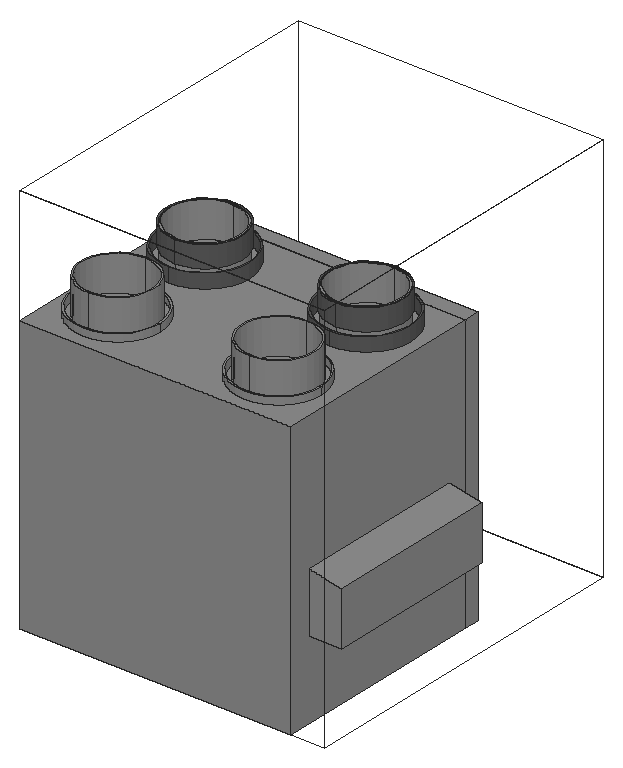
Revit family "Broan®_AI_Series™-Heat_Recovery_Ventilator_(HRV)-Top_Port", category Mechanical Equipment, Revit 2019
Family settings
  Round Connector Dimension = Use Diameter
  Classification = None
  Part Type = Normal
  Work Plane-Based = Yes
  Always vertical = No
  Cut with Voids When Loaded = No
  Shared = No
  Room Calculation Point = No
Parameters (values of type "Broan®_AI_Series™-110_CFM-Heat_Recovery_Ventilator_(HRV)-Top_Port-65%_eff")
  c Width MC = Width - c Width  # 2.32"
  c Vent Height = (Height - c Height)  # 2.45"
  c Top Clearance = if(c Constraints > 3, 9.00", 8.00")  # 8.00"
  c Right Clrearence = 0.00"  # constant formula
  c Offset vent side = (Length - 1.00") / 4  # 3.785"
  c MC width = Length - 4.00"  # 12.14"
  c Left Clearance = 0.00"  # constant formula
  c Height = 19.13"  # constant formula
  c Gen Diameter = if(c Constraints > 3, 6.00", 5.00")  # 5.00"
  c Front Clearance = 8.00"  # constant formula
  c Constraints = 1
  c Back Clearance = 0.00"  # constant formula
  Width = 21.07"  # constant formula
  Voltage = 120 V
  Version = ""
  URL = "https://www.broan-nutone.com/"
  Support Phone = "(224) 699-9545"  # constant formula
  Support Email = "mailto:support@anguleris.com"
  Supply Air Connection Diameter = c Gen Diameter  # 5"
  Return Air Connection Diameter = c Gen Diameter  # 5"
  Requirements and Standards = "UL 1812\r\nCSA F326\r\nCSA C439\r\nProp 65"
  Product Page URL = "https://www.broan-nutone.com/en-us/product/freshairsystems/b110h65rt"
  Product Name = "Broan® AI Series™ 110 CFM Heat Recovery Ventilator (HRV)"
  Product Documentation Link = "https://www.broan-nutone.com/getmedia/1c04f086-0de4-4a5a-b63e-71b407a4ad9e/Spec-Sheet-B110H65.pdf?ext=.pdf"
  Power Factor = 0
  Phase = 1
  Operating Weight = 35.00 lbf
  Number of Poles = 1
  Noise = 66.8
  Model = "B110H65RT"
  Manufacturer Phone Number = "800-558-1711"  # constant formula
  Manufacturer Contact Information = "mailto:info@broan-nutone.com"
  Manufacturer Address = "\"926 W State St, Hartford, WI 53027\""
  Manufacturer = "Broan"  # constant formula
  Length = 16.14"  # constant formula
  Height = 21.58"  # constant formula
  Frequency = 60 Hz
  Fan Wattage = 90 W
  Exhaust Air Connection Diameter = c Gen Diameter  # 5"
  Default Elevation = 0.00"
  Copyright = "\"Copyright © 2021 Broan-NuTone, LLC. All Rights Reserved\""
  c Width = 18.75"  # constant formula
  Clearance [instance] = yes
  Air Volume = if(c Constraints = 1, 110 CFM, (if(c Constraints = 2, 130 CFM, (if(c Constraints = 3, 150 CFM, (if(c Constraints = 4, 160 CFM, 160 CFM)))))))  # 110 CFM
Types (5): name | c Top Clearance | c Gen Diameter | c Constraints | Supply Air Connection Diameter | Return Air Connection Diameter | Requirements and Standards | Product Page URL | Product Name | Product Documentation Link | Noise | Model | Fan Wattage | Exhaust Air Connection Diameter | Air Volume
  Broan®_AI_Series™-130_CFM-Heat_Recovery_Ventilator_(HRV)-Top_Port-65%_eff | 8.00" | 5.00" | 2 | 5" | 5" | "UL 1812\r\nCSA F326\r\nCSA C439\r\nProp 65" | "https://www.broan-nutone.com/en-us/product/freshairsystems/b130h65rt" | "Broan® AI Series™ 130 CFM Heat Recovery Ventilator (HRV)" | "https://www.broan-nutone.com/getmedia/75f200b4-70e0-48f7-8651-3ee9bc02cae4/Spec-Sheet-B130H65.pdf?ext=.pdf" | 70 | "B130H65RT" | 110 W | 5" | 130 CFM
  Broan®_AI_Series™-110_CFM-Heat_Recovery_Ventilator_(HRV)-Top_Port-65%_eff | 8.00" | 5.00" | 1 | 5" | 5" | "UL 1812\r\nCSA F326\r\nCSA C439\r\nProp 65" | "https://www.broan-nutone.com/en-us/product/freshairsystems/b110h65rt" | "Broan® AI Series™ 110 CFM Heat Recovery Ventilator (HRV)" | "https://www.broan-nutone.com/getmedia/1c04f086-0de4-4a5a-b63e-71b407a4ad9e/Spec-Sheet-B110H65.pdf?ext=.pdf" | 66.8 | "B110H65RT" | 90 W | 5" | 110 CFM
  Broan®_AI_Series™-150_CFM-Heat_Recovery_Ventilator_(HRV)-Top_Port-75%_eff | 8.00" | 5.00" | 3 | 5" | 5" | "UL 1812\r\nCSA F326\r\nCSA C439\r\nProp 65\r\nENERGY STAR®" | "https://www.broan-nutone.com/en-us/product/freshairsystems/b150h75nt" | "Broan® AI Series™ 150 CFM Heat Recovery Ventilator (HRV)" | "https://www.broan-nutone.com/getmedia/926fa279-8324-464b-911a-513a9769f9b1/Spec-Sheet-B150H75.pdf?ext=.pdf" | 73.2 | "B150H75NT" | 163 W | 5" | 150 CFM
  Broan®_AI_Series™-160_CFM-Heat_Recovery_Ventilator_(HRV)-Top_Port-65%_eff | 9.00" | 6.00" | 4 | 6" | 6" | "UL 1812\r\nCSA F326\r\nCSA C439\r\nProp 65\r\nENERGY STAR®" | "https://www.broan-nutone.com/en-us/product/freshairsystems/b160h65rt" | "Broan® AI Series™ 160 CFM Heat Recovery Ventilator (HRV)" | "https://www.broan-nutone.com/getmedia/3ec22979-19c4-4f1e-94fd-1388d9e66583/Spec-Sheet-B160H65.pdf?ext=.pdf" | 73.2 | "B160H65RT" | 163 W | 6" | 160 CFM
  Broan®_AI_Series™-160_CFM-Heat_Recovery_Ventilator_(HRV)-Top_Port-75%_eff | 9.00" | 6.00" | 5 | 6" | 6" | "UL 1812\r\nCSA F326\r\nCSA C439\r\nProp 65\r\nENERGY STAR®" | "https://www.broan-nutone.com/en-us/product/freshairsystems/b160h75rt" | "Broan® AI Series™ 160 CFM Heat Recovery Ventilator (HRV)" | "https://www.broan-nutone.com/getmedia/63e03665-c448-44af-a792-4e4f5dea1e41/Spec-Sheet-B160H75.pdf?ext=.pdf" | 73.2 | "B160H75RT" | 163 W | 6" | 160 CFM
Reference planes (in)
  plane 1 "Center (Front/Back)": y = 0
  plane 2: z = 0
  plane 3 "Center (Left/Right)": x = 0
  plane 4: y = 8.57
  plane 5: x = 10.535
  plane 6: y = -7.57
  plane 7: x = -10.535
  plane 8: z = 21.58
  plane 9: y = 7.57
  plane 10: x = 8.215
  plane 11: y = 16.57
  plane 12: x = 10.535
  plane 13: y = -7.57
  plane 14: x = -10.535
  plane 15: y = 3.785
  plane 16: y = -3.785
  plane 17: z = 5.5
  plane 18: z = 27.13
  plane 19: z = 19.13
  plane 20: x = -6.83592
  plane 21: x = 4.31554
Forms (in)
  Extrusion 1, solid, material "Metal - Broan NuTone - Gray"
    sketch origin (0, 0, 0) x (1, 0, 0) y (0, 1, 0)
      loop
        line (8.215, 7.57) -> (-10.535, 7.57) -> (-10.535, -7.57) -> (8.215, -7.57) -> (8.215, 7.57)
    from 0 to 19.13
  Extrusion 2, solid, material "Clearances - Broan NuTone", visible <- "Clearance"
    sketch origin (0, 0, 0) x (1, 0, 0) y (0, 1, 0)
      loop
        line (-10.535, 16.57) -> (-10.535, -7.57) -> (10.535, -7.57) -> (10.535, 16.57) -> (-10.535, 16.57)
    from 0 to 27.13
  Extrusion 3, solid, material "Metal - Broan NuTone - Gray"
    sketch origin (0, 0, 0) x (1, 0, 0) y (0, 1, 0)
      loop
        line (8.215, 8.57) -> (-10.535, 8.57) -> (-10.535, 7.57) -> (8.215, 7.57) -> (8.215, 8.57)
    from 0 to 19.13
Dimensions and locks (in)
  equal spacing: plane 7, plane 3 "Center (Left/Right)", plane 5
  "Height": plane 8 to level
  "Width": plane 7 to plane 5
  "Length": plane 6 to plane 4
  plane 4 to plane 9 = 1.00"
  "c Front Clearance": plane 11 to plane 4
  "c Back Clearance": plane 13 to plane 6
  "c Left Clearance": plane 14 to plane 7
  "c Right Clrearence": plane 5 to plane 12
  plane 11 to plane 4 = 8.00"
  plane 3 "Center (Left/Right)" to plane 10 = 8.215"
  equal spacing: plane 9, plane 15, plane 1 "Center (Front/Back)"
  equal spacing: plane 1 "Center (Front/Back)", plane 16, plane 6
  equal spacing: plane 6, plane 16, plane 1 "Center (Front/Back)"
  "c Offset vent side": plane 1 "Center (Front/Back)" to plane 15
  plane 17 to level = 5.50"
  "c Top Clearance": plane 18 to plane 19
  "c Height": plane 19 to level
  "c Width": plane 7 to plane 10
  aligned and locked: plane 2 to level
  aligned and locked: plane 9 to Extrusion 1 sketch curve
  aligned and locked: plane 10 to Extrusion 1 sketch curve
  aligned and locked: plane 6 to Extrusion 1 sketch curve
  aligned and locked: nested 1 to plane 10
  aligned and locked: nested 1 to plane 17
  aligned and locked: plane 1 "Center (Front/Back)" to nested 1
  aligned and locked: Extrusion 2 sketch curve to plane 12
  aligned and locked: plane 13 to Extrusion 2 sketch curve
  aligned and locked: plane 14 to Extrusion 2 sketch curve
  aligned and locked: Extrusion 2 sketch curve to plane 11
  aligned and locked: plane 18 to Extrusion 2
  aligned and locked: plane 19 to Extrusion 1
  aligned and locked: Extrusion 1 to plane 7
  aligned and locked: plane 20 to nested 4
  aligned and locked: plane 20 to nested 2
  aligned and locked: plane 21 to nested 5
  aligned and locked: plane 21 to nested 3
  aligned and locked: plane 16 to nested 2
  aligned and locked: nested 4 to plane 15
  aligned and locked: nested 5 to plane 15
  aligned and locked: plane 16 to nested 3
  aligned and locked: plane 4 to Extrusion 3 sketch curve
  aligned and locked: Extrusion 3 sketch curve to plane 7
  aligned and locked: Extrusion 3 sketch curve to plane 9
  aligned and locked: plane 10 to Extrusion 3 sketch curve
  aligned and locked: plane 19 to Extrusion 3
  aligned and locked: Extrusion 2 to level
Automatic sketch dimensions
  plane 7 to Extrusion 1 sketch curve = 0.00"
Nested families (in)
  nested 1: "MC" at (8.215, 6.07, 5.5) x (0, -1, 0) z (0, 0, 1), Width <- "c MC width", type "MC"
    with Width 12.14", Offset 0.4176", Height 4.176", Depth 2.32"
  nested 2: "Vent" at (-6.83592, -3.785, 19.13), type "Vent"
    with S Border yes, Border visibility no, Upper Border Height 1.47", Height 2.45", Border Height 0.98"
  nested 3: "Vent" at (4.31554, -3.785, 19.13), type "Vent"
    with S Border yes, Border visibility no, Upper Border Height 1.47", Height 2.45", Border Height 0.98"
  nested 4: "Vent" at (-6.83592, 3.785, 19.13), type "Vent"
    with S Border no, Border visibility yes, Upper Border Height 1.47", Height 2.45", Border Height 0.98"
  nested 5: "Vent" at (4.31554, 3.785, 19.13), type "Vent"
    with S Border no, Border visibility yes, Upper Border Height 1.47", Height 2.45", Border Height 0.98"
Connectors (in)
  electrical at (9.375, 6.07, 7.4836), driven by "Voltage", driven by "Power Factor"
    settings: on nested 1, index 5, voltage 120 V, apparent load 0 VA, apparent load phase1 0 VA, apparent load phase2 0 VA, apparent load phase3 0 VA, power factor 0, load classification "Power", number of poles 1, system type 31, power factor state 1, is connector primary yes, connector utility no, sub classification motor no, connector description ""
  hvac at (4.31554, -3.785, 21.58), driven by "c Gen Diameter", driven by "Air Volume"
    settings: on nested 3, index 6, duct flow 110 CFM, flow factor 0, pres drop 0.00 in-wg, loss coef 0, conn angle 0.00°, conn width 12", conn height 12", conn diameter 5", duct sys type 3, conn prof type 0, flow config 0, flow direction 0, loss method 0, conn ref index -1, conn util no, is conn primary yes, conn desc "Exhaust air from building"
  hvac at (4.31554, 3.785, 21.58), driven by "c Gen Diameter", driven by "Air Volume"
    settings: on nested 5, index 7, duct flow 110 CFM, flow factor 0, pres drop 0.00 in-wg, loss coef 0, conn angle 0.00°, conn width 12", conn height 12", conn diameter 5", duct sys type 2, conn prof type 0, flow config 0, flow direction 0, loss method 0, conn ref index -1, conn util no, is conn primary no, conn desc "Fresh air from outside"
  hvac at (-6.83592, -3.785, 21.58), driven by "c Gen Diameter", driven by "Air Volume"
    settings: on nested 2, index 8, duct flow 110 CFM, flow factor 0, pres drop 0.00 in-wg, loss coef 0, conn angle 0.00°, conn width 12", conn height 12", conn diameter 5", duct sys type 1, conn prof type 0, flow config 0, flow direction 0, loss method 0, conn ref index -1, conn util no, is conn primary no, conn desc "Fresh air to building"
  hvac at (-6.83592, 3.785, 21.58), driven by "c Gen Diameter", driven by "Air Volume"
    settings: on nested 4, index 9, duct flow 110 CFM, flow factor 0, pres drop 0.00 in-wg, loss coef 0, conn angle 0.00°, conn width 12", conn height 12", conn diameter 5", duct sys type 3, conn prof type 0, flow config 0, flow direction 0, loss method 0, conn ref index -1, conn util no, is conn primary no, conn desc "Exhaust air to outside"
Definition of nested family "MC"
  Parameters (values of type "MC")
    Width [instance] = 18.51858"
    Screen = none
    Offset [instance] = Height / 10  # 0.4527"
    Material = none
    Height = 1.8 * Depth  # 4.527"
    Depth = 2.515"
    Connector = none
  Reference planes (in)
    plane 1 "Center (Front/Back)": y = 0
    plane 2: z = 0
    plane 3 "Center (Left/Right)": x = 0
    plane 4: y = 2.515
    plane 5: x = 18.51858
    plane 6: z = 4.527
    plane 7: z = 4.0743
    plane 8: x = 9.25929
  Forms (in)
    Extrusion 1, solid, material <- "Material"
      sketch origin (0, 0, 0) x (0, 1, 0) y (0, 0, 1)
        loop
          line (0, 0) -> (2.515, 0) -> (2.515, 4.0743) -> (0, 4.527) -> (0, 0)
      from 0 to 18.51858
    Extrusion 2, solid, material <- "Screen", detail levels medium+fine
      sketch origin (0, 0, 0) x (0, 1, 0) y (0, 0, 1)
        loop
          line (0.6, 3.43791) -> (0.6, 1.93791) -> (1.915, 1.93791) -> (1.915, 3.43791) -> (0.6, 3.43791)
      from -0.01 to 0
    Extrusion 3, solid, material <- "Connector", detail levels medium+fine
      sketch origin (0, 0, -1) x (0, 1, 0) y (0, 0, 1)
        loop
          line (0.725, 2.08758) -> (0.725, 2.30151)
          arc (0.725, 2.30151) -> (0.6, 2.42651) -> (0.475, 2.30151) r 0.125
          line (0.475, 2.30151) -> (0.475, 2.08758)
          arc (0.475, 2.08758) -> (0.6, 1.96258) -> (0.725, 2.08758) r 0.125
        loop
          arc (1.79, 2.19695) -> (1.915, 2.07195) -> (2.04, 2.19695) r 0.125
          line (2.04, 2.19695) -> (2.04, 2.30151)
          arc (2.04, 2.30151) -> (1.915, 2.42651) -> (1.79, 2.30151) r 0.125
          line (1.79, 2.30151) -> (1.79, 2.19695)
      from -0.01 to 0
  Dimensions and locks (in)
    "Depth": plane 1 "Center (Front/Back)" to plane 4
    "Width": plane 3 "Center (Left/Right)" to plane 5
    "Height": plane 6 to level
    "Offset": plane 6 to plane 7
    equal spacing: plane 5, plane 8, plane 3 "Center (Left/Right)"
    Extrusion 2 sketch curve to plane 1 "Center (Front/Back)" = 0.60"
    plane 4 to Extrusion 2 sketch curve = 0.60"
    Extrusion 2 sketch curve to Extrusion 2 sketch curve to level = 1.50" locked, 1.93791" locked
    aligned and locked: plane 2 to level
    aligned and locked: Extrusion 1 sketch curve to plane 1 "Center (Front/Back)"
    aligned and locked: Extrusion 1 sketch curve to plane 4
    aligned and locked: level to Extrusion 1 sketch curve
    aligned and locked: plane 7 to Extrusion 1 sketch curve
    aligned and locked: plane 6 to Extrusion 1 sketch curve
    aligned and locked: plane 5 to Extrusion 1
    aligned and locked: Extrusion 1 to plane 3 "Center (Left/Right)"
    aligned and locked: plane 3 "Center (Left/Right)" to Extrusion 2
  Automatic sketch dimensions
    Extrusion 3 sketch curve to plane 1 "Center (Front/Back)" = 0.475"
    Extrusion 3 sketch curve to Extrusion 3 sketch curve = 0.125"  (x2)
    Extrusion 3 sketch curve to plane 4 = 0.725"
    level to Extrusion 3 sketch curve = 1.08758"
    level to Extrusion 3 sketch curve = 1.19695"
    Extrusion 3 sketch curve to Extrusion 3 sketch curve = 0.10456"
    Extrusion 3 sketch curve to Extrusion 3 sketch curve = 0.21393"
Definition of nested family "Vent"
  Parameters (values of type "Vent")
    Width = 0.10"
    Vent Material = none
    Upper border width = 0.10"
    Upper Border Height = 1.5 * Border Height  # 1.509"
    S Border [instance] = no
    Radius = Diameter / 2  # 2.50"
    Height = 2.515"
    Diameter = 5.00"
    Default Elevation = 48.00"
    Border visibility [instance] = not(S Border)  # yes
    Border Width = Width  # 0.10"
    Border Material = none
    Border Height = Height / 2.5  # 1.006"
    Border = Diameter / 8  # 0.625"
  Reference planes (in)
    plane 1 "Center (Front/Back)": y = 0
    plane 2: z = 0
    plane 3 "Center (Left/Right)": x = 0
    plane 4: y = 3.125
    plane 5: y = 2.5
    plane 6: z = 2.515
    plane 7: z = 1.006
    plane 8: y = 2.4
    plane 9: z = 1.006
    plane 10: x = -2.5
    plane 11: x = 2.5
  Forms (in)
    Revolve 1, solid, material <- "Vent Material", detail levels coarse
      sketch origin (0, 0, 0) x (0, 1, 0) y (0, 0, 1)
        loop
          line (0, 2.515) -> (0, 0) -> (2.5, 0) -> (2.5, 2.515) -> (0, 2.515)
        axis (0, 2.515) -> (0, 0)
      angle from 0 to 360
    Revolve 2, solid, material <- "Vent Material", detail levels medium+fine
      sketch origin (0, 0, 0) x (0, 1, 0) y (0, 0, 1)
        loop
          line (2.4, 2.515) -> (2.4, 0) -> (2.5, 0) -> (2.5, 2.515) -> (2.4, 2.515)
        axis (0, 2.515) -> (0, 0)
      angle from 0 to 360
    Revolve 3, solid, material <- "Border Material", visible <- "Border visibility", detail levels medium+fine
      sketch origin (0, 0, 0) x (0, 1, 0) y (0, 0, 1)
        loop
          line (3.125, 1.006) -> (3.025, 1.006) -> (3.025, 0) -> (3.125, 0) -> (3.125, 1.006)
        axis (0, 1.006) -> (0, 0)
      angle from 0 to 360
    Revolve 4, solid, material <- "Border Material", visible <- "Border visibility", detail levels medium+fine
      sketch origin (0, 0, 0) x (0, 1, 0) y (0, 0, 1)
        loop
          line (2.5, 2.515) -> (2.5, 1.006) -> (2.6, 1.006) -> (2.6, 2.515) -> (2.5, 2.515)
        axis (0, 2.515) -> (0, 1.006)
      angle from 0 to 360
    Revolve 5, solid, material <- "Vent Material", visible <- "S Border", detail levels medium+fine
      sketch origin (0, 0, 0) x (1, 0, 0) y (0, 0, 1)
        loop
          line (-2.9, 0) -> (-2.9, 0.5) -> (-3.00488, 0.5) -> (-3.00488, 0) -> (-2.9, 0)
        axis (0, 0.5) -> (0, 0)
      angle from 0 to 360
  Dimensions and locks (in)
    "Radius": plane 5 to plane 1 "Center (Front/Back)"
    "Border": plane 4 to plane 5
    "Border Height": plane 7 to level
    "Height": plane 6 to level
    "Width": plane 5 to plane 8
    "Border Width": plane 4 to Revolve 3 sketch curve
    "Upper border width": Revolve 4 sketch curve to Revolve 4 sketch curve
    "Upper Border Height": plane 6 to plane 9
    equal spacing: plane 11, plane 3 "Center (Left/Right)", plane 10
    "Diameter": plane 11 to plane 10
    plane 10 to Revolve 5 sketch curve to Revolve 5 sketch curve = 0.40", 0.10488" locked
    locked: Revolve 5 sketch curve to level at 0.5
    aligned and locked: plane 2 to level
    aligned and locked: Revolve 1 sketch curve to Revolve 1 sketch curve
    aligned and locked: plane 6 to Revolve 1 sketch curve
    aligned and locked: Revolve 1 sketch curve to plane 5
    aligned and locked: Revolve 2 sketch curve to plane 6
    aligned and locked: level to Revolve 2 sketch curve
    aligned and locked: Revolve 2 sketch curve to plane 8
    aligned and locked: plane 5 to Revolve 2 sketch curve
    aligned and locked: Revolve 3 sketch curve to plane 4
    aligned and locked: plane 7 to Revolve 3 sketch curve
    aligned and locked: Revolve 3 sketch curve to level
    aligned and locked: Revolve 4 sketch curve to plane 5
    aligned and locked: Revolve 4 sketch curve to plane 9
  Automatic sketch dimensions
    Revolve 1 sketch curve to plane 1 "Center (Front/Back)" = 0.00"
    Revolve 1 sketch curve to level = 0.00"
    Revolve 1 sketch curve to level = 24.00"
    plane 6 to Revolve 1 sketch curve = 79.96332"
    Revolve 5 sketch curve to level = 0.00"
    Revolve 5 sketch curve to plane 3 "Center (Left/Right)" = 0.00"
    Revolve 5 sketch curve to level = 24.00"
    plane 6 to Revolve 5 sketch curve = 100.20382"
    Revolve 3 sketch curve to plane 1 "Center (Front/Back)" = 0.00"
    Revolve 3 sketch curve to level = 24.00"
    plane 6 to Revolve 3 sketch curve = 79.96332"
    Revolve 4 sketch curve to plane 1 "Center (Front/Back)" = 0.00"
    Revolve 4 sketch curve to plane 6 = 0.00"
    Revolve 4 sketch curve to level = 24.00"
    plane 6 to Revolve 4 sketch curve = 79.96332"
